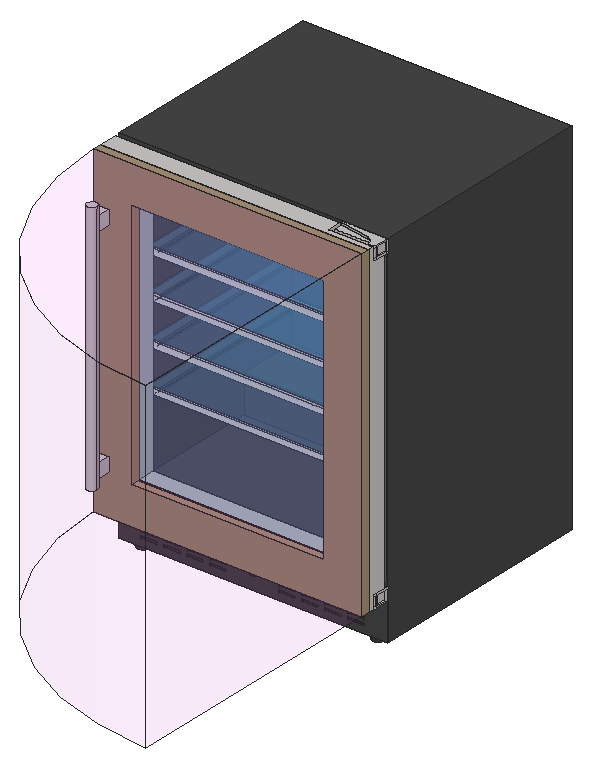
Revit family "QF_Summit_AL57GPNR_ADA_Compliant_Commercial_Beverage_Center", category Specialty Equipment, Revit 2020 (continued)
Automatic sketch dimensions
  Extrusion 5 sketch curve to Extrusion 5 sketch curve = 0.26917"
  Extrusion 5 sketch curve to Extrusion 5 sketch curve = 0.25294"
  Extrusion 5 sketch curve to Extrusion 5 sketch curve = 0.0578"
  Extrusion 1 to Extrusion 5 sketch curve = 0.6555"
  Extrusion 5 sketch curve to Extrusion 5 sketch curve = 0.6099"
  Extrusion 5 sketch curve to Extrusion 5 sketch curve = 0.12181"
  Extrusion 1 to Extrusion 5 sketch curve = 0.09747"
  Extrusion 5 sketch curve to Extrusion 5 sketch curve = 2.52979"
  Extrusion 1 to Extrusion 5 sketch curve = 0.25097"
  Extrusion 5 sketch curve to Extrusion 5 sketch curve = 0.02431"
  Extrusion 5 sketch curve to Extrusion 5 sketch curve = 0.50276"
  Extrusion 5 sketch curve to Extrusion 5 sketch curve = 0.06674"
  Extrusion 6 sketch curve to Extrusion 1 = 2 7/8"
  Extrusion 1 to Extrusion 6 sketch curve = 1.80244"
  Extrusion 2 to Extrusion 11 sketch curve = 1/2"
  Extrusion 11 sketch curve to Extrusion 2 = 3 13/16"
  Extrusion 2 to Extrusion 11 sketch curve = 0.11941"
  Extrusion 11 sketch curve to Extrusion 2 = 0.13878"
  Extrusion 12 sketch curve to Extrusion 2 = 1/2"
  Extrusion 2 to Extrusion 12 sketch curve = 0.13878"
  Extrusion 12 sketch curve to Extrusion 2 = 5/16"
  Extrusion 2 to Extrusion 12 sketch curve = 3 13/16"
  Extrusion 5 to Extrusion 13 sketch curve = 0.26535"
  Extrusion 5 to Extrusion 13 sketch curve = 1.20502"
  Extrusion 14 sketch curve to Extrusion 5 = 0"  (x3)
  Extrusion 14 sketch curve to Extrusion 5 = 0.85777"
  Extrusion 15 sketch curve to Extrusion 5 = 0"
  Extrusion 5 to Extrusion 15 sketch curve = 1/8"  (x2)
  Extrusion 15 sketch curve to Extrusion 15 sketch curve = 0.8207"
  Extrusion 16 sketch curve to Extrusion 23 = 0.26535"
  Extrusion 16 sketch curve to Extrusion 23 = 1.20502"
  Extrusion 17 sketch curve to Extrusion 23 = 0"
  Extrusion 17 sketch curve to Extrusion 23 = 1/8"  (x2)
  Extrusion 17 sketch curve to Extrusion 17 sketch curve = 0.8207"
  Extrusion 20 sketch curve to Extrusion 2 = 0"  (x8)
  curve 6 to plane 4 "RIGHT" = 0"
  curve 35 to plane 11 = 0"
  curve 6 to plane 3 "LEFT" = 0"
  curve 7 to plane 3 "LEFT" = 0"
  plane 4 "RIGHT" to curve 37 = 1/16"
  curve 33 to plane 11 = 3/8"
  curve 36 to curve 33 = 3 13/16"
  plane 3 "LEFT" to curve 33 = 3.87795"
  plane 3 "LEFT" to curve 34 = 1/16"
  curve 5 to curve 34 = 0.99808"
  curve 36 to curve 8 = 1.02245"
  curve 36 to curve 35 = 1/16"
  curve 4 to curve 5 = 1/16"
  Extrusion 1 to Extrusion 21 sketch curve = 0"
  Extrusion 21 sketch curve to Extrusion 1 = 0"
  Extrusion 21 sketch curve to Extrusion 21 sketch curve = 0.26917"
  Extrusion 21 sketch curve to Extrusion 21 sketch curve = 0.25294"
  Extrusion 21 sketch curve to Extrusion 21 sketch curve = 0.0578"
  Extrusion 21 sketch curve to Extrusion 21 sketch curve = 0.6099"
  Extrusion 21 sketch curve to Extrusion 21 sketch curve = 0.12181"
  Extrusion 1 to Extrusion 21 sketch curve = 0.09747"
  Extrusion 21 sketch curve to Extrusion 21 sketch curve = 2.52979"
  Extrusion 1 to Extrusion 21 sketch curve = 0.25097"
  Extrusion 21 sketch curve to Extrusion 21 sketch curve = 0.02431"
  Extrusion 1 to Extrusion 21 sketch curve = 0.6555"
  Extrusion 21 sketch curve to Extrusion 21 sketch curve = 0.50276"
  Extrusion 21 sketch curve to Extrusion 21 sketch curve = 0.06674"
  Extrusion 22 sketch curve to Extrusion 5 = 0"
  Extrusion 22 sketch curve to Extrusion 22 sketch curve = 0.25294"
  Extrusion 22 sketch curve to Extrusion 22 sketch curve = 0.0578"
  Extrusion 22 sketch curve to Extrusion 5 = 0.6555"
  Extrusion 22 sketch curve to Extrusion 5 = 0.13109"
  Extrusion 23 sketch curve to Extrusion 22 = 0"
  Extrusion 23 sketch curve to Extrusion 23 sketch curve = 0.25294"
  Extrusion 23 sketch curve to Extrusion 23 sketch curve = 0.0578"
  Extrusion 23 sketch curve to Extrusion 22 = 0.6555"
  Extrusion 23 sketch curve to Extrusion 22 = 0.13109"
  Extrusion 24 sketch curve to Extrusion 1 = 0"  (x3)
  Extrusion 1 to Extrusion 24 sketch curve = 3 1/4"
  Extrusion 25 sketch curve to Extrusion 1 = 2"
  Extrusion 1 to Extrusion 25 sketch curve = 4"
  Extrusion 25 sketch curve to Extrusion 1 = 8 1/2"
  Extrusion 25 sketch curve to Extrusion 1 = 3 1/4"
  Extrusion 25 sketch curve to Extrusion 1 = 8 3/8"
  Extrusion 25 sketch curve to Extrusion 1 = 5 1/8"
  Extrusion 26 sketch curve to Extrusion 2 = 0"  (x3)
  Extrusion 2 to Extrusion 26 sketch curve = 0"
  Extrusion 1 to Extrusion 27 sketch curve = 2"
  Extrusion 27 sketch curve to Extrusion 1 = 8 3/16"
  Extrusion 1 to Extrusion 27 sketch curve = 3 1/8"
  Extrusion 27 sketch curve to Extrusion 27 sketch curve = 1/2"
  Extrusion 27 sketch curve to Extrusion 27 sketch curve = 5.99981"
  Extrusion 27 sketch curve to Extrusion 27 sketch curve = 0.50019"
  Split face 1 sketch curve to Extrusion 27 = 5/16"
  Split face 1 sketch curve to Extrusion 27 = 2.72874"
  Split face 1 sketch curve to Extrusion 27 = 3/16"
  Split face 1 sketch curve to Split face 1 sketch curve = 3/4"
  Split face 2 sketch curve to Extrusion 27 = 1/4"
  Split face 2 sketch curve to Extrusion 27 = 2.27156"
  Split face 2 sketch curve to Split face 2 sketch curve = 1/2"
  Split face 2 sketch curve to Extrusion 27 = 3/8"
  Split face 3 sketch curve to Extrusion 27 = 3/8"
  Split face 3 sketch curve to Extrusion 27 = 1.73227"
  Split face 3 sketch curve to Split face 3 sketch curve = 1/2"
  Split face 3 sketch curve to Extrusion 27 = 1/4"
  Split face 4 sketch curve to Extrusion 27 = 3/8"
  Split face 4 sketch curve to Extrusion 27 = 2.018"
  Split face 4 sketch curve to Split face 4 sketch curve = 1/2"
  Split face 4 sketch curve to Extrusion 27 = 1/4"
  Split face 5 sketch curve to Extrusion 27 = 3/8"
  Split face 5 sketch curve to Extrusion 27 = 1.27553"
  Split face 5 sketch curve to Split face 5 sketch curve = 1/2"
  Split face 5 sketch curve to Extrusion 27 = 1/4"
  Extrusion 29 sketch curve to Extrusion 25 = 3.81072"
  Extrusion 25 to Extrusion 29 sketch curve = 10"
  Extrusion 30 sketch curve to Extrusion 24 = 1.43802"
  Extrusion 30 sketch curve to Extrusion 24 = 11.67155"
  Extrusion 30 sketch curve to Extrusion 30 sketch curve = 0.01595"
  Extrusion 30 sketch curve to Extrusion 30 sketch curve = 0.0319"
  Extrusion 30 sketch curve to Extrusion 30 sketch curve = 0.18698"  (x2)
  Extrusion 31 sketch curve to Extrusion 25 = 0"  (x15)
  Extrusion 25 to Extrusion 31 sketch curve = 0"  (x15)
  Extrusion 25 to Extrusion 31 sketch curve = 1/16"  (x10)
  Extrusion 31 sketch curve to Extrusion 25 = 3 3/16"  (x2)
  Extrusion 31 sketch curve to Extrusion 31 sketch curve = 1/16"  (x10)
  Extrusion 31 sketch curve to Extrusion 31 sketch curve = 0.12239"  (x10)
  Extrusion 25 to Extrusion 31 sketch curve = 0.83839"  (x10)
  Extrusion 31 sketch curve to Extrusion 31 sketch curve = 0.08839"  (x15)
  Extrusion 25 to Extrusion 31 sketch curve = 0.03661"  (x10)
  Extrusion 31 sketch curve to Extrusion 31 sketch curve = 1.07506"  (x10)
  Extrusion 25 to Extrusion 31 sketch curve = 1/8"  (x10)
  Extrusion 31 sketch curve to Extrusion 31 sketch curve = 2.14906"  (x2)
  Extrusion 31 sketch curve to Extrusion 31 sketch curve = 2.39906"  (x2)
  Extrusion 31 sketch curve to Extrusion 31 sketch curve = 2.399"  (x2)
  Extrusion 31 sketch curve to Extrusion 31 sketch curve = 2.39911"  (x2)
  Extrusion 31 sketch curve to Extrusion 31 sketch curve = 0.03661"  (x5)
  Extrusion 31 sketch curve to Extrusion 31 sketch curve = 0"  (x30)
  plane 3 "LEFT" to Extrusion 32 sketch curve = 15/16"
  Extrusion 33 sketch curve to Extrusion 2 = 1.24875"  (x2)
  Extrusion 33 sketch curve to Extrusion 2 = 0.49875"  (x2)
  Extrusion 2 to Extrusion 33 sketch curve = 1"
  Extrusion 33 sketch curve to Extrusion 33 sketch curve = 1 1/4"
  Extrusion 2 to Extrusion 33 sketch curve = 1 1/2"
  Extrusion 2 to Extrusion 33 sketch curve = 1/4"
  Extrusion 34 sketch curve to Extrusion 1 = 0"
  Extrusion 1 to Extrusion 34 sketch curve = 0"
  Extrusion 34 sketch curve to Extrusion 34 sketch curve = 0.26917"
  Extrusion 34 sketch curve to Extrusion 34 sketch curve = 0.25294"
  Extrusion 34 sketch curve to Extrusion 34 sketch curve = 0.0578"
  Extrusion 1 to Extrusion 34 sketch curve = 0.6555"
  Extrusion 34 sketch curve to Extrusion 34 sketch curve = 0.6099"
  Extrusion 34 sketch curve to Extrusion 34 sketch curve = 0.12181"
  Extrusion 1 to Extrusion 34 sketch curve = 0.09747"
  Extrusion 34 sketch curve to Extrusion 34 sketch curve = 2.52979"
  Extrusion 1 to Extrusion 34 sketch curve = 0.25097"
  Extrusion 34 sketch curve to Extrusion 34 sketch curve = 0.02431"
  Extrusion 34 sketch curve to Extrusion 34 sketch curve = 0.50276"
  Extrusion 34 sketch curve to Extrusion 34 sketch curve = 0.06674"
  Extrusion 34 to Extrusion 35 sketch curve = 0.26535"
  Extrusion 34 to Extrusion 35 sketch curve = 1.20502"
  Extrusion 36 sketch curve to Extrusion 34 = 0"  (x3)
  Extrusion 36 sketch curve to Extrusion 34 = 0.85777"
  Extrusion 37 sketch curve to Extrusion 34 = 0"
  Extrusion 34 to Extrusion 37 sketch curve = 1/8"  (x2)
  Extrusion 34 to Extrusion 37 sketch curve = 0.9457"
  Extrusion 38 sketch curve to Extrusion 43 = 0.26535"
  Extrusion 38 sketch curve to Extrusion 43 = 1.20502"
  Extrusion 39 sketch curve to Extrusion 43 = 0"
  Extrusion 39 sketch curve to Extrusion 43 = 1/8"  (x2)
  Extrusion 39 sketch curve to Extrusion 43 = 0.9457"
  Extrusion 41 sketch curve to Extrusion 1 = 0"
  Extrusion 1 to Extrusion 41 sketch curve = 0"
  Extrusion 41 sketch curve to Extrusion 41 sketch curve = 0.26917"
  Extrusion 41 sketch curve to Extrusion 41 sketch curve = 0.25294"
  Extrusion 41 sketch curve to Extrusion 41 sketch curve = 0.0578"
  Extrusion 41 sketch curve to Extrusion 41 sketch curve = 0.6099"
  Extrusion 41 sketch curve to Extrusion 41 sketch curve = 0.12181"
  Extrusion 1 to Extrusion 41 sketch curve = 0.09747"
  Extrusion 41 sketch curve to Extrusion 41 sketch curve = 2.52979"
  Extrusion 1 to Extrusion 41 sketch curve = 0.25097"
  Extrusion 41 sketch curve to Extrusion 41 sketch curve = 0.02431"
  Extrusion 1 to Extrusion 41 sketch curve = 0.6555"
  Extrusion 41 sketch curve to Extrusion 41 sketch curve = 0.50276"
  Extrusion 41 sketch curve to Extrusion 41 sketch curve = 0.06674"
  Extrusion 42 sketch curve to Extrusion 34 = 0"
  Extrusion 42 sketch curve to Extrusion 42 sketch curve = 0.25294"
  Extrusion 42 sketch curve to Extrusion 42 sketch curve = 0.0578"
  Extrusion 42 sketch curve to Extrusion 34 = 0.6555"
  Extrusion 42 sketch curve to Extrusion 34 = 0.13109"
  Extrusion 43 sketch curve to Extrusion 42 = 0"
  Extrusion 43 sketch curve to Extrusion 43 sketch curve = 0.25294"
  Extrusion 43 sketch curve to Extrusion 43 sketch curve = 0.0578"
  Extrusion 43 sketch curve to Extrusion 42 = 0.6555"
  Extrusion 43 sketch curve to Extrusion 42 = 0.13109"
  plane 14 to Extrusion 44 sketch curve = 0"
  Extrusion 44 sketch curve to plane 4 "RIGHT" = 15/16"
  Extrusion 45 sketch curve to Extrusion 2 = 1.24875"  (x2)
  Extrusion 45 sketch curve to Extrusion 2 = 0.49875"  (x2)
  Extrusion 2 to Extrusion 45 sketch curve = 1/4"
  Extrusion 45 sketch curve to Extrusion 45 sketch curve = 1 1/4"
  Extrusion 2 to Extrusion 45 sketch curve = 2 1/4"
  Extrusion 2 to Extrusion 45 sketch curve = 1"
  Extrusion 4 to Extrusion 46 sketch curve = 1/16"  (x2)
  Extrusion 4 to Extrusion 46 sketch curve = 1 3/4"  (x2)
  Extrusion 4 to Extrusion 46 sketch curve = 0.39223"  (x2)
  Extrusion 46 sketch curve to Extrusion 46 sketch curve = 9/16"
  Extrusion 4 to Extrusion 46 sketch curve = 2 5/16"
  Extrusion 46 sketch curve to Extrusion 46 sketch curve = 1.10777"
  Extrusion 4 to Extrusion 46 sketch curve = 1 1/2"  (x2)
  Extrusion 4 to Extrusion 46 sketch curve = 1 3/8"
  Extrusion 48 sketch curve to Extrusion 46 = 0"  (x6)
  Extrusion 46 to Extrusion 48 sketch curve = 0"  (x2)
  Extrusion 47 sketch curve to Extrusion 46 = 3 13/16"
  Extrusion 47 sketch curve to Extrusion 47 sketch curve = 0.01126"
  curve 14 to curve 20 = 0.13109"
  curve 21 to curve 20 = 0.1554"
  curve 32 to curve 22 = 0.69628"
  curve 15 to curve 22 = 2.56339"
  curve 14 to curve 15 = 0.12181"
  curve 27 to curve 15 = 0.37411"
  curve 16 to curve 15 = 0.73171"
  curve 16 to curve 15 = 0.0578"
  curve 17 to curve 17 = 0.25294"
  curve 24 to curve 17 = 0.44834"
  curve 25 to curve 24 = 0.01126"
  curve 18 to curve 17 = 0.26917"
  curve 41 to curve 11 = 2.37016"
  curve 43 to curve 43 = 0.02431"
  curve 25 to curve 10 = 1.80497"
  curve 11 to curve 40 = 0.06214"
  curve 40 to curve 41 = 0.12181"
  curve 40 to curve 42 = 0.73171"
  curve 40 to curve 42 = 0.0578"
  curve 39 to curve 39 = 0.25294"
  curve 10 to curve 31 = 0.42749"
  curve 31 to curve 32 = 0.01126"
  curve 39 to curve 38 = 0.26917"
  curve 40 to curve 11 = 2.63667"
  curve 15 to curve 23 = 0.07542"
  curve 42 to curve 40 = 0.10752"
  curve 16 to curve 23 = 0.18294"
  curve 42 to curve 42 = 0.1588"
  curve 16 to curve 16 = 0.1588"
  curve 41 to curve 41 = 0.40453"
  curve 14 to curve 22 = 1.24903"
  curve 43 to curve 43 = 0.15349"
  curve 18 to curve 18 = 1.225"
  curve 23 to curve 26 = 1 1/4"
  curve 30 to curve 27 = 1.31125"
  curve 27 to curve 27 = 0.43625"
  curve 30 to curve 28 = 1/16"
  curve 24 to curve 29 = 0.48749"
  curve 17 to curve 23 = 1/16"
  curve 11 to curve 13 = 1/16"
  curve 12 to curve 31 = 0.48749"
  curve 45 to curve 38 = 1/16"
  curve 44 to curve 43 = 0.09747"
  curve 38 to curve 39 = 1.225"
  curve 41 to curve 44 = 1.24903"
  Extrusion 19 sketch curve to Extrusion 46 = 0"
  Extrusion 19 sketch curve to Extrusion 19 sketch curve = 23.38587"
  Extrusion 46 to Extrusion 19 sketch curve = 0.14915"
  radius of Sweep 28 sketch curve = 0.03373"
  radius of Sweep 28 sketch curve = 0.03352"  (x10)
  radius of Extrusion 3 sketch curve = 9/16"
  radius of Extrusion 6 sketch curve = 1/4"
  radius of Extrusion 13 sketch curve = 0.18618"
  radius of Extrusion 16 sketch curve = 0.18618"
  radius of Extrusion 22 sketch curve to Extrusion 5 = 0"  (x3)
  radius of Extrusion 23 sketch curve to Extrusion 22 = 0"  (x3)
  radius of Extrusion 29 sketch curve = 0.48965"
  radius of Extrusion 30 sketch curve = 1/2"
  radius of Extrusion 32 sketch curve = 0.43625"
  radius of Extrusion 35 sketch curve = 0.18618"
  radius of Extrusion 38 sketch curve = 0.18618"
  radius of Extrusion 42 sketch curve to Extrusion 34 = 0"  (x3)
  radius of Extrusion 43 sketch curve to Extrusion 42 = 0"  (x3)
  radius of Extrusion 44 sketch curve = 0.43625"
  radius of curve 10 to Extrusion 32 = 0"
Connectors (in)
  electrical at (20.5, 0.0625, 2.30244), driven by "Volts"
    settings: on Extrusion 6, index 1, voltage 115 V, apparent load 0 VA, apparent load phase1 0 VA, apparent load phase2 0 VA, apparent load phase3 0 VA, power factor 1, load classification "Other", number of poles 1, system type 30, power factor state 1, is connector primary yes, connector utility no, sub classification motor no, connector description "Electrical Connection"
